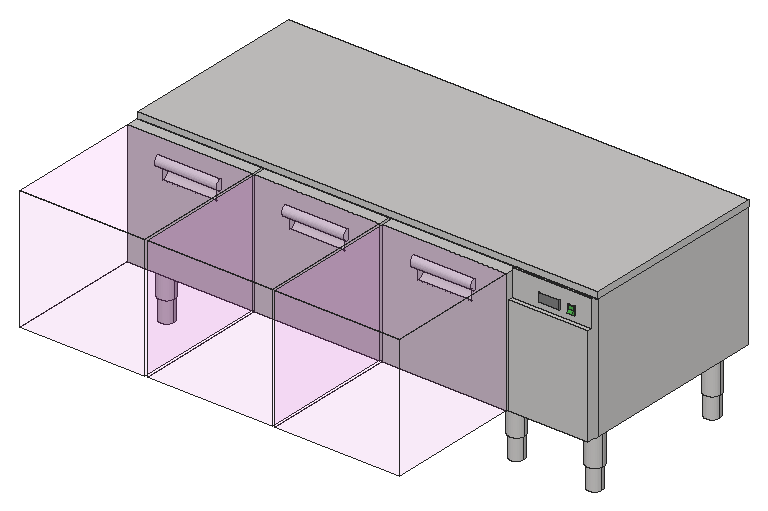
Revit family "QF_ZANUSSI_372292_Z7TTAECOMKN", category Specialty Equipment, Revit 2021
Family settings
  Round Connector Dimension = Use Diameter
  Part Type = Normal
  Work Plane-Based = No
  Always vertical = Yes
  Cut with Voids When Loaded = No
  Shared = No
  Room Calculation Point = No
Parameters (values of type "Standard")
  Weight = 110.00 kg
  Watts = 0 W
  Volts = 220 V
  URL Manufacturer = "http://www.zanussiprofessional.com"
  URL = "http://www.zanussiprofessional.com"
  Steam Supply Size = 0 mm
  Steam Supply Minimum Pressure = 0.0 Pa
  Steam Supply Maximum Pressure = 0.0 Pa
  Steam Pounds per Hour = 0
  Show Clearance [instance] = yes
  Refrigeration Suction Line Size = 0 mm
  Refrigeration Liquid Line Size = 0 mm
  Refrigerant Compressor Remote = yes
  Manufacturer = "Zanussi"
  Phase = 1
  Model = "Z7TTAECOMKN"
  Length Actual = 1600 mm
  Item Number = "372292"
  Hot Water Size = 0 mm
  Height Actual = 600 mm
  HP = "0.5 HP"
  Gas Size = 0 mm
  Gas KW = 0
  Gas Input Pressure = 0 W
  Direct Waste Size = 0 mm
  Description = "REFRIGERATED BASE WITH 3 DRAWERS 1600MM - R290"
  Depth Actual = 700 mm
  Default Elevation = 0 mm
  Cycle = 50 Hz
  Condensate Return Size = 0 mm
  Compressed Air Volume = 0.0 L/s
  Compressed Air Size = 0 mm
  Compressed Air Pressure = 0.0 Pa
  Cold Water Size = 0 mm
  Accessory = no
Reference planes
  plane 1 "Center X": y = -65.55
  plane 2: z = 0
  plane 3 "Centro (Sinistra/Destra)": x = -200
  plane 4: y = -315.05
  plane 5: y = 194.95
  plane 6 "BACK": y = 282.95
  plane 7 "FRONT": y = -414.05
  plane 8: y = -881.83
  plane 9: x = -944
  plane 10: x = 544
  plane 11: y = -369.551
  plane 12: z = 200
  plane 13 "TOP": z = 630
  plane 14 "LEFT": x = -1000
  plane 15 "RIGHT": x = 600
  plane 16: x = 272
Forms (mm)
  Extrusion 1, solid, material "QF_Finishes_Stainless Steel"
    sketch origin (-1022.223, -1524, 200) x (-1, 0, 0) y (0, -1, 0)
      loop
        line (-23.223, -1806.95) -> (-23.223, -1154.449) -> (-1621.223, -1154.449) -> (-1621.223, -1806.95) -> (-23.223, -1806.95)
    from 0 to 430
  Extrusion 2, solid, material "QF_Finishes_Stainless Steel"
    sketch origin (-1022.223, -1524, 200) x (-1, 0, 0) y (0, -1, 0)
      loop
        circle (-1581.223, -1646.95) r 12
    from -10 to 0
  Extrusion 3, solid, material "QF_Finishes_Stainless Steel"
    sketch origin (-599, 0, -5) x (0, 1, 0) y (0, 0, 1)
      loop
        line (-369.551, 635) -> (282.95, 635) -> (282.95, 655) -> (-369.551, 655) -> (-369.551, 635)
    from 1198 to -400
  Extrusion 4, solid, material "QF_Finishes_Stainless Steel"
    sketch origin (599, 0, 0) x (0, 1, 0) y (0, 0, 1)
      loop
        line (-369.551, 629.527) -> (-386.314, 640.994) -> (-397.65, 640.994) -> (-397.65, 549.796) -> (-414.05, 549.796) -> (-414.05, 204.796) -> (-384.714, 204.796) -> (-374.993, 200) -> (-369.551, 200) -> (-369.551, 629.527)
    from 0 to -275
  Extrusion 5, solid, material "QF_Finishes_Black"
    sketch origin (605.8, -397.65, 630.994) x (0, 0, -1) y (1, 0, 0)
      loop
        line (32.198, -86.899) -> (61.199, -86.899) -> (61.199, -64.9) -> (32.198, -64.9) -> (32.198, -86.899)
    from 0 to 1.6
  Extrusion 6, solid, material "QF_Finishes_Grey"
    sketch origin (627, -397.65, 630.994) x (0, 0, -1) y (1, 0, 0)
      loop
        line (32.198, -210.099) -> (61.199, -210.099) -> (61.199, -140.099) -> (32.198, -140.099) -> (32.198, -210.099)
    from 0 to 1.6
  Extrusion 7, solid, material "QF_Finishes_Green"
    sketch origin (540.9, -397.65, 598.796) x (0, 0, -1) y (0, 1, 0)
      loop
        line (2.279, -3.281) -> (14.5, -3.281) -> (25.308, -8.985)
        arc (25.308, -8.985) -> (26.537, -5.394) -> (26.605, -1.6) r 12.221
        line (26.605, -1.6) -> (2.395, -1.6)
        arc (2.395, -1.6) -> (2.308, -2.439) -> (2.279, -3.281) r 12.221
    from -20 to -2
  Extrusion 8, solid, material "QF_Finishes_Handrails and Railings"
    sketch origin (-356.028, -157.946, 1924.198) x (0, 0.885087, 0.465426) y (0, -0.465426, 0.885087)
      loop
        arc (-854.629, -1074.965) -> (-878.641, -1082.427) -> (-871.18, -1106.439) r 17.78
        line (-871.18, -1106.439) -> (-854.629, -1074.965)
    from -93.472 to 121.528
  Extrusion 9, solid, material "QF_Finishes_Stainless Steel"
    sketch origin (-556.053, 285.95, 14.715) x (0, 1, 0) y (0, 0, 1)
      loop
        line (-700, 486.991) -> (-660.001, 486.991) -> (-660.001, 530.285) -> (-678.147, 530.285) -> (-678.147, 511.464)
        arc (-678.147, 511.464) -> (-684.405, 495.059) -> (-700, 486.991) r 24.63
    from 118.753 to 309.354
  Extrusion 10, solid, material "QF_Finishes_Handrails and Railings"
    sketch origin (85.972, -157.946, 1924.198) x (0, 0.885087, 0.465426) y (0, -0.465426, 0.885087)
      loop
        arc (-854.629, -1074.965) -> (-878.641, -1082.427) -> (-871.18, -1106.439) r 17.78
        line (-871.18, -1106.439) -> (-854.629, -1074.965)
    from -89.472 to 121.528
  Extrusion 11, solid, material "QF_Finishes_Stainless Steel"
    sketch origin (-114.053, 285.95, 14.715) x (0, 1, 0) y (0, 0, 1)
      loop
        line (-700, 486.991) -> (-660.001, 486.991) -> (-660.001, 530.285) -> (-678.147, 530.285) -> (-678.147, 511.464)
        arc (-678.147, 511.464) -> (-684.405, 495.059) -> (-700, 486.991) r 24.63
    from 122.753 to 309.354
  Extrusion 12, solid, material "QF_Door-Drawer Clearances", visible <- "Show Clearance"
    sketch origin (238, -414.05, 0) x (1, 0, 0) y (0, 0, 1)
      loop
        line (-795, 629.2) -> (-795, 201.587) -> (-360.999, 201.587) -> (-360.999, 629.2) -> (-795, 629.2)
      loop
        line (-353, 629.2) -> (-353, 201.587) -> (81, 201.587) -> (81, 629.2) -> (-353, 629.2)
      loop
        line (-1237, 629.2) -> (-1237, 201.587) -> (-802.999, 201.587) -> (-802.999, 629.2) -> (-1237, 629.2)
    from 0 to 467.78
  Extrusion 13, solid, material "QF_Finishes_Stainless Steel"
    sketch origin (38, -414.05, 0) x (-1, 0, 0) y (0, 0, 1)
      loop
        line (595, 629.2) -> (160.999, 629.2) -> (160.999, 201.587) -> (595, 201.587) -> (595, 629.2)
      loop
        line (153, 629.2) -> (-281, 629.2) -> (-281, 201.587) -> (153, 201.587) -> (153, 629.2)
      loop
        line (475.3, 501.706) -> (475.3, 545) -> (284.699, 545) -> (284.699, 501.706) -> (475.3, 501.706)
      loop
        line (29.3, 501.706) -> (29.3, 545) -> (-157.301, 545) -> (-157.301, 501.706) -> (29.3, 501.706)
      loop
        line (1037, 629.2) -> (602.999, 629.2) -> (602.999, 201.587) -> (1037, 201.587) -> (1037, 629.2)
      loop
        line (917.3, 501.706) -> (917.3, 545) -> (726.699, 545) -> (726.699, 501.706) -> (917.3, 501.706)
    from 0 to 40
  Extrusion 14, solid, material "QF_Finishes_Handrails and Railings"
    sketch origin (-798.028, -157.946, 1924.198) x (0, 0.885087, 0.465426) y (0, -0.465426, 0.885087)
      loop
        arc (-854.629, -1074.965) -> (-878.641, -1082.427) -> (-871.18, -1106.439) r 17.78
        line (-871.18, -1106.439) -> (-854.629, -1074.965)
    from -93.472 to 121.528
  Extrusion 15, solid, material "QF_Finishes_Stainless Steel"
    sketch origin (-998.053, 285.95, 14.715) x (0, 1, 0) y (0, 0, 1)
      loop
        line (-700, 486.991) -> (-660.001, 486.991) -> (-660.001, 530.285) -> (-678.147, 530.285) -> (-678.147, 511.464)
        arc (-678.147, 511.464) -> (-684.405, 495.059) -> (-700, 486.991) r 24.63
    from 118.753 to 309.354
Lines and regions (mm)
  Split face 1
    outline origin (627, -399.25, 630.994) x (0, 0, -1) y (1, 0, 0)
      loop
        line (37.198, -200.099) -> (52.198, -200.099) -> (52.198, -150.099) -> (37.198, -150.099) -> (37.198, -200.099)
  Split face 2
    outline origin (627, -399.25, 630.994) x (0, 0, -1) y (1, 0, 0)
      loop
        line (59.151, -200.099) -> (59.151, -189.099) -> (54.151, -189.099) -> (54.151, -200.099) -> (59.151, -200.099)
  Split face 3
    outline origin (627, -399.25, 630.994) x (0, 0, -1) y (1, 0, 0)
      loop
        line (54.151, -187.099) -> (59.151, -187.099) -> (59.151, -176.099) -> (54.151, -176.099) -> (54.151, -187.099)
  Split face 4
    outline origin (640, -399.25, 630.994) x (0, 0, -1) y (1, 0, 0)
      loop
        line (54.151, -187.099) -> (59.151, -187.099) -> (59.151, -176.099) -> (54.151, -176.099) -> (54.151, -187.099)
  Split face 5
    outline origin (653, -399.25, 630.994) x (0, 0, -1) y (1, 0, 0)
      loop
        line (54.151, -187.099) -> (59.151, -187.099) -> (59.151, -176.099) -> (54.151, -176.099) -> (54.151, -187.099)
  Split face 6
    outline origin (304.5, -414.05, 713.499) x (1, 0, 0) y (0, 0, 1)
      loop
        arc (90.48, -282.599) -> (94.5, -278.61) -> (90.5, -274.599) r 4
        line (90.5, -274.599) -> (58.5, -274.599)
        arc (58.5, -274.599) -> (54.5, -278.61) -> (58.521, -282.599) r 4
        line (58.521, -282.599) -> (90.48, -282.599)
  Split face 7
    outline origin (304.5, -414.05, 725.499) x (1, 0, 0) y (0, 0, 1)
      loop
        arc (90.48, -282.599) -> (94.5, -278.61) -> (90.5, -274.599) r 4
        line (90.5, -274.599) -> (58.5, -274.599)
        arc (58.5, -274.599) -> (54.5, -278.61) -> (58.521, -282.599) r 4
        line (58.521, -282.599) -> (90.48, -282.599)
  Split face 8
    outline origin (304.5, -414.05, 737.499) x (1, 0, 0) y (0, 0, 1)
      loop
        arc (90.48, -282.599) -> (94.5, -278.61) -> (90.5, -274.599) r 4
        line (90.5, -274.599) -> (58.5, -274.599)
        arc (58.5, -274.599) -> (54.5, -278.61) -> (58.521, -282.599) r 4
        line (58.521, -282.599) -> (90.48, -282.599)
  Split face 9
    outline origin (304.5, -414.05, 749.396) x (1, 0, 0) y (0, 0, 1)
      loop
        arc (90.48, -282.599) -> (94.5, -278.61) -> (90.5, -274.599) r 4
        line (90.5, -274.599) -> (58.5, -274.599)
        arc (58.5, -274.599) -> (54.5, -278.61) -> (58.521, -282.599) r 4
        line (58.521, -282.599) -> (90.48, -282.599)
  Split face 10
    outline origin (304.5, -414.05, 761.395) x (1, 0, 0) y (0, 0, 1)
      loop
        arc (90.48, -282.599) -> (94.5, -278.61) -> (90.5, -274.599) r 4
        line (90.5, -274.599) -> (58.5, -274.599)
        arc (58.5, -274.599) -> (54.5, -278.61) -> (58.521, -282.599) r 4
        line (58.521, -282.599) -> (90.48, -282.599)
  Split face 11
    outline origin (304.5, -414.05, 773.395) x (1, 0, 0) y (0, 0, 1)
      loop
        arc (90.48, -282.599) -> (94.5, -278.61) -> (90.5, -274.599) r 4
        line (90.5, -274.599) -> (58.5, -274.599)
        arc (58.5, -274.599) -> (54.5, -278.61) -> (58.521, -282.599) r 4
        line (58.521, -282.599) -> (90.48, -282.599)
  Split face 12
    outline origin (304.5, -414.05, 785.395) x (1, 0, 0) y (0, 0, 1)
      loop
        arc (90.48, -282.599) -> (94.5, -278.61) -> (90.5, -274.599) r 4
        line (90.5, -274.599) -> (58.5, -274.599)
        arc (58.5, -274.599) -> (54.5, -278.61) -> (58.521, -282.599) r 4
        line (58.521, -282.599) -> (90.48, -282.599)
  Split face 13
    outline origin (304.5, -414.05, 797.395) x (1, 0, 0) y (0, 0, 1)
      loop
        arc (90.48, -282.599) -> (94.5, -278.61) -> (90.5, -274.599) r 4
        line (90.5, -274.599) -> (58.5, -274.599)
        arc (58.5, -274.599) -> (54.5, -278.61) -> (58.521, -282.599) r 4
        line (58.521, -282.599) -> (90.48, -282.599)
  Split face 14
    outline origin (304.5, -414.05, 809.395) x (1, 0, 0) y (0, 0, 1)
      loop
        arc (90.48, -282.599) -> (94.5, -278.61) -> (90.5, -274.599) r 4
        line (90.5, -274.599) -> (58.5, -274.599)
        arc (58.5, -274.599) -> (54.5, -278.61) -> (58.521, -282.599) r 4
        line (58.521, -282.599) -> (90.48, -282.599)
  Split face 15
    outline origin (304.5, -414.05, 701.499) x (1, 0, 0) y (0, 0, 1)
      loop
        arc (90.48, -282.599) -> (94.5, -278.61) -> (90.5, -274.599) r 4
        line (90.5, -274.599) -> (58.5, -274.599)
        arc (58.5, -274.599) -> (54.5, -278.61) -> (58.521, -282.599) r 4
        line (58.521, -282.599) -> (90.48, -282.599)
  Split face 16
    outline origin (304.5, -414.05, 605.603) x (1, 0, 0) y (0, 0, 1)
      loop
        arc (90.48, -282.599) -> (94.5, -278.61) -> (90.5, -274.599) r 4
        line (90.5, -274.599) -> (58.5, -274.599)
        arc (58.5, -274.599) -> (54.5, -278.61) -> (58.521, -282.599) r 4
        line (58.521, -282.599) -> (90.48, -282.599)
  Split face 17
    outline origin (304.5, -414.05, 617.603) x (1, 0, 0) y (0, 0, 1)
      loop
        arc (90.48, -282.599) -> (94.5, -278.61) -> (90.5, -274.599) r 4
        line (90.5, -274.599) -> (58.5, -274.599)
        arc (58.5, -274.599) -> (54.5, -278.61) -> (58.521, -282.599) r 4
        line (58.521, -282.599) -> (90.48, -282.599)
  Split face 18
    outline origin (304.5, -414.05, 629.602) x (1, 0, 0) y (0, 0, 1)
      loop
        arc (90.48, -282.599) -> (94.5, -278.61) -> (90.5, -274.599) r 4
        line (90.5, -274.599) -> (58.5, -274.599)
        arc (58.5, -274.599) -> (54.5, -278.61) -> (58.521, -282.599) r 4
        line (58.521, -282.599) -> (90.48, -282.599)
  Split face 19
    outline origin (304.5, -414.05, 677.499) x (1, 0, 0) y (0, 0, 1)
      loop
        arc (90.48, -282.599) -> (94.5, -278.61) -> (90.5, -274.599) r 4
        line (90.5, -274.599) -> (58.5, -274.599)
        arc (58.5, -274.599) -> (54.5, -278.61) -> (58.521, -282.599) r 4
        line (58.521, -282.599) -> (90.48, -282.599)
  Split face 20
    outline origin (304.5, -414.05, 689.499) x (1, 0, 0) y (0, 0, 1)
      loop
        arc (90.48, -282.599) -> (94.5, -278.61) -> (90.5, -274.599) r 4
        line (90.5, -274.599) -> (58.5, -274.599)
        arc (58.5, -274.599) -> (54.5, -278.61) -> (58.521, -282.599) r 4
        line (58.521, -282.599) -> (90.48, -282.599)
  Split face 21
    outline origin (304.5, -414.05, 593.603) x (1, 0, 0) y (0, 0, 1)
      loop
        arc (90.48, -282.599) -> (94.5, -278.61) -> (90.5, -274.599) r 4
        line (90.5, -274.599) -> (58.5, -274.599)
        arc (58.5, -274.599) -> (54.5, -278.61) -> (58.521, -282.599) r 4
        line (58.521, -282.599) -> (90.48, -282.599)
  Split face 22
    outline origin (304.5, -414.05, 497.707) x (1, 0, 0) y (0, 0, 1)
      loop
        arc (90.48, -282.599) -> (94.5, -278.61) -> (90.5, -274.599) r 4
        line (90.5, -274.599) -> (58.5, -274.599)
        arc (58.5, -274.599) -> (54.5, -278.61) -> (58.521, -282.599) r 4
        line (58.521, -282.599) -> (90.48, -282.599)
  Split face 23
    outline origin (304.5, -414.05, 509.707) x (1, 0, 0) y (0, 0, 1)
      loop
        arc (90.48, -282.599) -> (94.5, -278.61) -> (90.5, -274.599) r 4
        line (90.5, -274.599) -> (58.5, -274.599)
        arc (58.5, -274.599) -> (54.5, -278.61) -> (58.521, -282.599) r 4
        line (58.521, -282.599) -> (90.48, -282.599)
  Split face 24
    outline origin (304.5, -414.05, 521.706) x (1, 0, 0) y (0, 0, 1)
      loop
        arc (90.48, -282.599) -> (94.5, -278.61) -> (90.5, -274.599) r 4
        line (90.5, -274.599) -> (58.5, -274.599)
        arc (58.5, -274.599) -> (54.5, -278.61) -> (58.521, -282.599) r 4
        line (58.521, -282.599) -> (90.48, -282.599)
  Split face 25
    outline origin (304.5, -414.05, 533.604) x (1, 0, 0) y (0, 0, 1)
      loop
        arc (90.48, -282.599) -> (94.5, -278.61) -> (90.5, -274.599) r 4
        line (90.5, -274.599) -> (58.5, -274.599)
        arc (58.5, -274.599) -> (54.5, -278.61) -> (58.521, -282.599) r 4
        line (58.521, -282.599) -> (90.48, -282.599)
  Split face 26
    outline origin (304.5, -414.05, 545.603) x (1, 0, 0) y (0, 0, 1)
      loop
        arc (90.48, -282.599) -> (94.5, -278.61) -> (90.5, -274.599) r 4
        line (90.5, -274.599) -> (58.5, -274.599)
        arc (58.5, -274.599) -> (54.5, -278.61) -> (58.521, -282.599) r 4
        line (58.521, -282.599) -> (90.48, -282.599)
  Split face 27
    outline origin (304.5, -414.05, 557.603) x (1, 0, 0) y (0, 0, 1)
      loop
        arc (90.48, -282.599) -> (94.5, -278.61) -> (90.5, -274.599) r 4
        line (90.5, -274.599) -> (58.5, -274.599)
        arc (58.5, -274.599) -> (54.5, -278.61) -> (58.521, -282.599) r 4
        line (58.521, -282.599) -> (90.48, -282.599)
  Split face 28
    outline origin (304.5, -414.05, 569.603) x (1, 0, 0) y (0, 0, 1)
      loop
        arc (90.48, -282.599) -> (94.5, -278.61) -> (90.5, -274.599) r 4
        line (90.5, -274.599) -> (58.5, -274.599)
        arc (58.5, -274.599) -> (54.5, -278.61) -> (58.521, -282.599) r 4
        line (58.521, -282.599) -> (90.48, -282.599)
  Split face 29
    outline origin (304.5, -414.05, 581.603) x (1, 0, 0) y (0, 0, 1)
      loop
        arc (90.48, -282.599) -> (94.5, -278.61) -> (90.5, -274.599) r 4
        line (90.5, -274.599) -> (58.5, -274.599)
        arc (58.5, -274.599) -> (54.5, -278.61) -> (58.521, -282.599) r 4
        line (58.521, -282.599) -> (90.48, -282.599)
  Split face 30
    outline origin (359.5, -414.05, 713.499) x (1, 0, 0) y (0, 0, 1)
      loop
        arc (90.48, -282.599) -> (94.5, -278.61) -> (90.5, -274.599) r 4
        line (90.5, -274.599) -> (58.5, -274.599)
        arc (58.5, -274.599) -> (54.5, -278.61) -> (58.521, -282.599) r 4
        line (58.521, -282.599) -> (90.48, -282.599)
  Split face 31
    outline origin (359.5, -414.05, 725.499) x (1, 0, 0) y (0, 0, 1)
      loop
        arc (90.48, -282.599) -> (94.5, -278.61) -> (90.5, -274.599) r 4
        line (90.5, -274.599) -> (58.5, -274.599)
        arc (58.5, -274.599) -> (54.5, -278.61) -> (58.521, -282.599) r 4
        line (58.521, -282.599) -> (90.48, -282.599)
  Split face 32
    outline origin (359.5, -414.05, 737.499) x (1, 0, 0) y (0, 0, 1)
      loop
        arc (90.48, -282.599) -> (94.5, -278.61) -> (90.5, -274.599) r 4
        line (90.5, -274.599) -> (58.5, -274.599)
        arc (58.5, -274.599) -> (54.5, -278.61) -> (58.521, -282.599) r 4
        line (58.521, -282.599) -> (90.48, -282.599)
  Split face 33
    outline origin (359.5, -414.05, 749.396) x (1, 0, 0) y (0, 0, 1)
      loop
        arc (90.48, -282.599) -> (94.5, -278.61) -> (90.5, -274.599) r 4
        line (90.5, -274.599) -> (58.5, -274.599)
        arc (58.5, -274.599) -> (54.5, -278.61) -> (58.521, -282.599) r 4
        line (58.521, -282.599) -> (90.48, -282.599)
  Split face 34
    outline origin (359.5, -414.05, 761.395) x (1, 0, 0) y (0, 0, 1)
      loop
        arc (90.48, -282.599) -> (94.5, -278.61) -> (90.5, -274.599) r 4
        line (90.5, -274.599) -> (58.5, -274.599)
        arc (58.5, -274.599) -> (54.5, -278.61) -> (58.521, -282.599) r 4
        line (58.521, -282.599) -> (90.48, -282.599)
  Split face 35
    outline origin (359.5, -414.05, 773.395) x (1, 0, 0) y (0, 0, 1)
      loop
        arc (90.48, -282.599) -> (94.5, -278.61) -> (90.5, -274.599) r 4
        line (90.5, -274.599) -> (58.5, -274.599)
        arc (58.5, -274.599) -> (54.5, -278.61) -> (58.521, -282.599) r 4
        line (58.521, -282.599) -> (90.48, -282.599)
  Split face 36
    outline origin (359.5, -414.05, 785.395) x (1, 0, 0) y (0, 0, 1)
      loop
        arc (90.48, -282.599) -> (94.5, -278.61) -> (90.5, -274.599) r 4
        line (90.5, -274.599) -> (58.5, -274.599)
        arc (58.5, -274.599) -> (54.5, -278.61) -> (58.521, -282.599) r 4
        line (58.521, -282.599) -> (90.48, -282.599)
  Split face 37
    outline origin (359.5, -414.05, 797.395) x (1, 0, 0) y (0, 0, 1)
      loop
        arc (90.48, -282.599) -> (94.5, -278.61) -> (90.5, -274.599) r 4
        line (90.5, -274.599) -> (58.5, -274.599)
        arc (58.5, -274.599) -> (54.5, -278.61) -> (58.521, -282.599) r 4
        line (58.521, -282.599) -> (90.48, -282.599)
  Split face 38
    outline origin (359.5, -414.05, 809.395) x (1, 0, 0) y (0, 0, 1)
      loop
        arc (90.48, -282.599) -> (94.5, -278.61) -> (90.5, -274.599) r 4
        line (90.5, -274.599) -> (58.5, -274.599)
        arc (58.5, -274.599) -> (54.5, -278.61) -> (58.521, -282.599) r 4
        line (58.521, -282.599) -> (90.48, -282.599)
  Split face 39
    outline origin (359.5, -414.05, 701.499) x (1, 0, 0) y (0, 0, 1)
      loop
        arc (90.48, -282.599) -> (94.5, -278.61) -> (90.5, -274.599) r 4
        line (90.5, -274.599) -> (58.5, -274.599)
        arc (58.5, -274.599) -> (54.5, -278.61) -> (58.521, -282.599) r 4
        line (58.521, -282.599) -> (90.48, -282.599)
  Split face 40
    outline origin (359.5, -414.05, 605.603) x (1, 0, 0) y (0, 0, 1)
      loop
        arc (90.48, -282.599) -> (94.5, -278.61) -> (90.5, -274.599) r 4
        line (90.5, -274.599) -> (58.5, -274.599)
        arc (58.5, -274.599) -> (54.5, -278.61) -> (58.521, -282.599) r 4
        line (58.521, -282.599) -> (90.48, -282.599)
  Split face 41
    outline origin (359.5, -414.05, 617.603) x (1, 0, 0) y (0, 0, 1)
      loop
        arc (90.48, -282.599) -> (94.5, -278.61) -> (90.5, -274.599) r 4
        line (90.5, -274.599) -> (58.5, -274.599)
        arc (58.5, -274.599) -> (54.5, -278.61) -> (58.521, -282.599) r 4
        line (58.521, -282.599) -> (90.48, -282.599)
  Split face 42
    outline origin (359.5, -414.05, 629.602) x (1, 0, 0) y (0, 0, 1)
      loop
        arc (90.48, -282.599) -> (94.5, -278.61) -> (90.5, -274.599) r 4
        line (90.5, -274.599) -> (58.5, -274.599)
        arc (58.5, -274.599) -> (54.5, -278.61) -> (58.521, -282.599) r 4
        line (58.521, -282.599) -> (90.48, -282.599)
  Split face 43
    outline origin (359.5, -414.05, 677.499) x (1, 0, 0) y (0, 0, 1)
      loop
        arc (90.48, -282.599) -> (94.5, -278.61) -> (90.5, -274.599) r 4
        line (90.5, -274.599) -> (58.5, -274.599)
        arc (58.5, -274.599) -> (54.5, -278.61) -> (58.521, -282.599) r 4
        line (58.521, -282.599) -> (90.48, -282.599)
  Split face 44
    outline origin (359.5, -414.05, 689.499) x (1, 0, 0) y (0, 0, 1)
      loop
        arc (90.48, -282.599) -> (94.5, -278.61) -> (90.5, -274.599) r 4
        line (90.5, -274.599) -> (58.5, -274.599)
        arc (58.5, -274.599) -> (54.5, -278.61) -> (58.521, -282.599) r 4
        line (58.521, -282.599) -> (90.48, -282.599)
  Split face 45
    outline origin (359.5, -414.05, 593.603) x (1, 0, 0) y (0, 0, 1)
      loop
        arc (90.48, -282.599) -> (94.5, -278.61) -> (90.5, -274.599) r 4
        line (90.5, -274.599) -> (58.5, -274.599)
        arc (58.5, -274.599) -> (54.5, -278.61) -> (58.521, -282.599) r 4
        line (58.521, -282.599) -> (90.48, -282.599)
  Split face 46
    outline origin (359.5, -414.05, 497.707) x (1, 0, 0) y (0, 0, 1)
      loop
        arc (90.48, -282.599) -> (94.5, -278.61) -> (90.5, -274.599) r 4
        line (90.5, -274.599) -> (58.5, -274.599)
        arc (58.5, -274.599) -> (54.5, -278.61) -> (58.521, -282.599) r 4
        line (58.521, -282.599) -> (90.48, -282.599)
  Split face 47
    outline origin (359.5, -414.05, 509.707) x (1, 0, 0) y (0, 0, 1)
      loop
        arc (90.48, -282.599) -> (94.5, -278.61) -> (90.5, -274.599) r 4
        line (90.5, -274.599) -> (58.5, -274.599)
        arc (58.5, -274.599) -> (54.5, -278.61) -> (58.521, -282.599) r 4
        line (58.521, -282.599) -> (90.48, -282.599)
  Split face 48
    outline origin (359.5, -414.05, 521.706) x (1, 0, 0) y (0, 0, 1)
      loop
        arc (90.48, -282.599) -> (94.5, -278.61) -> (90.5, -274.599) r 4
        line (90.5, -274.599) -> (58.5, -274.599)
        arc (58.5, -274.599) -> (54.5, -278.61) -> (58.521, -282.599) r 4
        line (58.521, -282.599) -> (90.48, -282.599)
  Split face 49
    outline origin (359.5, -414.05, 533.604) x (1, 0, 0) y (0, 0, 1)
      loop
        arc (90.48, -282.599) -> (94.5, -278.61) -> (90.5, -274.599) r 4
        line (90.5, -274.599) -> (58.5, -274.599)
        arc (58.5, -274.599) -> (54.5, -278.61) -> (58.521, -282.599) r 4
        line (58.521, -282.599) -> (90.48, -282.599)
  Split face 50
    outline origin (359.5, -414.05, 545.603) x (1, 0, 0) y (0, 0, 1)
      loop
        arc (90.48, -282.599) -> (94.5, -278.61) -> (90.5, -274.599) r 4
        line (90.5, -274.599) -> (58.5, -274.599)
        arc (58.5, -274.599) -> (54.5, -278.61) -> (58.521, -282.599) r 4
        line (58.521, -282.599) -> (90.48, -282.599)
  Split face 51
    outline origin (359.5, -414.05, 557.603) x (1, 0, 0) y (0, 0, 1)
      loop
        arc (90.48, -282.599) -> (94.5, -278.61) -> (90.5, -274.599) r 4
        line (90.5, -274.599) -> (58.5, -274.599)
        arc (58.5, -274.599) -> (54.5, -278.61) -> (58.521, -282.599) r 4
        line (58.521, -282.599) -> (90.48, -282.599)
  Split face 52
    outline origin (359.5, -414.05, 569.603) x (1, 0, 0) y (0, 0, 1)
      loop
        arc (90.48, -282.599) -> (94.5, -278.61) -> (90.5, -274.599) r 4
        line (90.5, -274.599) -> (58.5, -274.599)
        arc (58.5, -274.599) -> (54.5, -278.61) -> (58.521, -282.599) r 4
        line (58.521, -282.599) -> (90.48, -282.599)
  Split face 53
    outline origin (359.5, -414.05, 581.603) x (1, 0, 0) y (0, 0, 1)
      loop
        arc (90.48, -282.599) -> (94.5, -278.61) -> (90.5, -274.599) r 4
        line (90.5, -274.599) -> (58.5, -274.599)
        arc (58.5, -274.599) -> (54.5, -278.61) -> (58.521, -282.599) r 4
        line (58.521, -282.599) -> (90.48, -282.599)
  Split face 54
    outline origin (414.5, -414.05, 713.499) x (1, 0, 0) y (0, 0, 1)
      loop
        arc (90.48, -282.599) -> (94.5, -278.61) -> (90.5, -274.599) r 4
        line (90.5, -274.599) -> (58.5, -274.599)
        arc (58.5, -274.599) -> (54.5, -278.61) -> (58.521, -282.599) r 4
        line (58.521, -282.599) -> (90.48, -282.599)
  Split face 55
    outline origin (414.5, -414.05, 725.499) x (1, 0, 0) y (0, 0, 1)
      loop
        arc (90.48, -282.599) -> (94.5, -278.61) -> (90.5, -274.599) r 4
        line (90.5, -274.599) -> (58.5, -274.599)
        arc (58.5, -274.599) -> (54.5, -278.61) -> (58.521, -282.599) r 4
        line (58.521, -282.599) -> (90.48, -282.599)
  Split face 56
    outline origin (414.5, -414.05, 737.499) x (1, 0, 0) y (0, 0, 1)
      loop
        arc (90.48, -282.599) -> (94.5, -278.61) -> (90.5, -274.599) r 4
        line (90.5, -274.599) -> (58.5, -274.599)
        arc (58.5, -274.599) -> (54.5, -278.61) -> (58.521, -282.599) r 4
        line (58.521, -282.599) -> (90.48, -282.599)
  Split face 57
    outline origin (414.5, -414.05, 749.396) x (1, 0, 0) y (0, 0, 1)
      loop
        arc (90.48, -282.599) -> (94.5, -278.61) -> (90.5, -274.599) r 4
        line (90.5, -274.599) -> (58.5, -274.599)
        arc (58.5, -274.599) -> (54.5, -278.61) -> (58.521, -282.599) r 4
        line (58.521, -282.599) -> (90.48, -282.599)
  Split face 58
    outline origin (414.5, -414.05, 761.395) x (1, 0, 0) y (0, 0, 1)
      loop
        arc (90.48, -282.599) -> (94.5, -278.61) -> (90.5, -274.599) r 4
        line (90.5, -274.599) -> (58.5, -274.599)
        arc (58.5, -274.599) -> (54.5, -278.61) -> (58.521, -282.599) r 4
        line (58.521, -282.599) -> (90.48, -282.599)
  Split face 59
    outline origin (414.5, -414.05, 773.395) x (1, 0, 0) y (0, 0, 1)
      loop
        arc (90.48, -282.599) -> (94.5, -278.61) -> (90.5, -274.599) r 4
        line (90.5, -274.599) -> (58.5, -274.599)
        arc (58.5, -274.599) -> (54.5, -278.61) -> (58.521, -282.599) r 4
        line (58.521, -282.599) -> (90.48, -282.599)
  Split face 60
    outline origin (414.5, -414.05, 785.395) x (1, 0, 0) y (0, 0, 1)
      loop
        arc (90.48, -282.599) -> (94.5, -278.61) -> (90.5, -274.599) r 4
        line (90.5, -274.599) -> (58.5, -274.599)
        arc (58.5, -274.599) -> (54.5, -278.61) -> (58.521, -282.599) r 4
        line (58.521, -282.599) -> (90.48, -282.599)
  Split face 61
    outline origin (414.5, -414.05, 797.395) x (1, 0, 0) y (0, 0, 1)
      loop
        arc (90.48, -282.599) -> (94.5, -278.61) -> (90.5, -274.599) r 4
        line (90.5, -274.599) -> (58.5, -274.599)
        arc (58.5, -274.599) -> (54.5, -278.61) -> (58.521, -282.599) r 4
        line (58.521, -282.599) -> (90.48, -282.599)
  Split face 62
    outline origin (414.5, -414.05, 809.395) x (1, 0, 0) y (0, 0, 1)
      loop
        arc (90.48, -282.599) -> (94.5, -278.61) -> (90.5, -274.599) r 4
        line (90.5, -274.599) -> (58.5, -274.599)
        arc (58.5, -274.599) -> (54.5, -278.61) -> (58.521, -282.599) r 4
        line (58.521, -282.599) -> (90.48, -282.599)
  Split face 63
    outline origin (414.5, -414.05, 701.499) x (1, 0, 0) y (0, 0, 1)
      loop
        arc (90.48, -282.599) -> (94.5, -278.61) -> (90.5, -274.599) r 4
        line (90.5, -274.599) -> (58.5, -274.599)
        arc (58.5, -274.599) -> (54.5, -278.61) -> (58.521, -282.599) r 4
        line (58.521, -282.599) -> (90.48, -282.599)
  Split face 64
    outline origin (414.5, -414.05, 605.603) x (1, 0, 0) y (0, 0, 1)
      loop
        arc (90.48, -282.599) -> (94.5, -278.61) -> (90.5, -274.599) r 4
        line (90.5, -274.599) -> (58.5, -274.599)
        arc (58.5, -274.599) -> (54.5, -278.61) -> (58.521, -282.599) r 4
        line (58.521, -282.599) -> (90.48, -282.599)
  Split face 65
    outline origin (414.5, -414.05, 617.603) x (1, 0, 0) y (0, 0, 1)
      loop
        arc (90.48, -282.599) -> (94.5, -278.61) -> (90.5, -274.599) r 4
        line (90.5, -274.599) -> (58.5, -274.599)
        arc (58.5, -274.599) -> (54.5, -278.61) -> (58.521, -282.599) r 4
        line (58.521, -282.599) -> (90.48, -282.599)
  Split face 66
    outline origin (414.5, -414.05, 629.602) x (1, 0, 0) y (0, 0, 1)
      loop
        arc (90.48, -282.599) -> (94.5, -278.61) -> (90.5, -274.599) r 4
        line (90.5, -274.599) -> (58.5, -274.599)
        arc (58.5, -274.599) -> (54.5, -278.61) -> (58.521, -282.599) r 4
        line (58.521, -282.599) -> (90.48, -282.599)
  Split face 67
    outline origin (414.5, -414.05, 677.499) x (1, 0, 0) y (0, 0, 1)
      loop
        arc (90.48, -282.599) -> (94.5, -278.61) -> (90.5, -274.599) r 4
        line (90.5, -274.599) -> (58.5, -274.599)
        arc (58.5, -274.599) -> (54.5, -278.61) -> (58.521, -282.599) r 4
        line (58.521, -282.599) -> (90.48, -282.599)
  Split face 68
    outline origin (414.5, -414.05, 689.499) x (1, 0, 0) y (0, 0, 1)
      loop
        arc (90.48, -282.599) -> (94.5, -278.61) -> (90.5, -274.599) r 4
        line (90.5, -274.599) -> (58.5, -274.599)
        arc (58.5, -274.599) -> (54.5, -278.61) -> (58.521, -282.599) r 4
        line (58.521, -282.599) -> (90.48, -282.599)
  Split face 69
    outline origin (414.5, -414.05, 593.603) x (1, 0, 0) y (0, 0, 1)
      loop
        arc (90.48, -282.599) -> (94.5, -278.61) -> (90.5, -274.599) r 4
        line (90.5, -274.599) -> (58.5, -274.599)
        arc (58.5, -274.599) -> (54.5, -278.61) -> (58.521, -282.599) r 4
        line (58.521, -282.599) -> (90.48, -282.599)
  Split face 70
    outline origin (414.5, -414.05, 497.707) x (1, 0, 0) y (0, 0, 1)
      loop
        arc (90.48, -282.599) -> (94.5, -278.61) -> (90.5, -274.599) r 4
        line (90.5, -274.599) -> (58.5, -274.599)
        arc (58.5, -274.599) -> (54.5, -278.61) -> (58.521, -282.599) r 4
        line (58.521, -282.599) -> (90.48, -282.599)
  Split face 71
    outline origin (414.5, -414.05, 509.707) x (1, 0, 0) y (0, 0, 1)
      loop
        arc (90.48, -282.599) -> (94.5, -278.61) -> (90.5, -274.599) r 4
        line (90.5, -274.599) -> (58.5, -274.599)
        arc (58.5, -274.599) -> (54.5, -278.61) -> (58.521, -282.599) r 4
        line (58.521, -282.599) -> (90.48, -282.599)
  Split face 72
    outline origin (414.5, -414.05, 521.706) x (1, 0, 0) y (0, 0, 1)
      loop
        arc (90.48, -282.599) -> (94.5, -278.61) -> (90.5, -274.599) r 4
        line (90.5, -274.599) -> (58.5, -274.599)
        arc (58.5, -274.599) -> (54.5, -278.61) -> (58.521, -282.599) r 4
        line (58.521, -282.599) -> (90.48, -282.599)
  Split face 73
    outline origin (414.5, -414.05, 533.604) x (1, 0, 0) y (0, 0, 1)
      loop
        arc (90.48, -282.599) -> (94.5, -278.61) -> (90.5, -274.599) r 4
        line (90.5, -274.599) -> (58.5, -274.599)
        arc (58.5, -274.599) -> (54.5, -278.61) -> (58.521, -282.599) r 4
        line (58.521, -282.599) -> (90.48, -282.599)
  Split face 74
    outline origin (414.5, -414.05, 545.603) x (1, 0, 0) y (0, 0, 1)
      loop
        arc (90.48, -282.599) -> (94.5, -278.61) -> (90.5, -274.599) r 4
        line (90.5, -274.599) -> (58.5, -274.599)
        arc (58.5, -274.599) -> (54.5, -278.61) -> (58.521, -282.599) r 4
        line (58.521, -282.599) -> (90.48, -282.599)
  Split face 75
    outline origin (414.5, -414.05, 557.603) x (1, 0, 0) y (0, 0, 1)
      loop
        arc (90.48, -282.599) -> (94.5, -278.61) -> (90.5, -274.599) r 4
        line (90.5, -274.599) -> (58.5, -274.599)
        arc (58.5, -274.599) -> (54.5, -278.61) -> (58.521, -282.599) r 4
        line (58.521, -282.599) -> (90.48, -282.599)
  Split face 76
    outline origin (414.5, -414.05, 569.603) x (1, 0, 0) y (0, 0, 1)
      loop
        arc (90.48, -282.599) -> (94.5, -278.61) -> (90.5, -274.599) r 4
        line (90.5, -274.599) -> (58.5, -274.599)
        arc (58.5, -274.599) -> (54.5, -278.61) -> (58.521, -282.599) r 4
        line (58.521, -282.599) -> (90.48, -282.599)
  Split face 77
    outline origin (414.5, -414.05, 581.603) x (1, 0, 0) y (0, 0, 1)
      loop
        arc (90.48, -282.599) -> (94.5, -278.61) -> (90.5, -274.599) r 4
        line (90.5, -274.599) -> (58.5, -274.599)
        arc (58.5, -274.599) -> (54.5, -278.61) -> (58.521, -282.599) r 4
        line (58.521, -282.599) -> (90.48, -282.599)
  Split face 78
    outline origin (507.5, -414.05, 713.499) x (1, 0, 0) y (0, 0, 1)
      loop
        arc (52.48, -282.599) -> (56.5, -278.61) -> (52.5, -274.599) r 4
        line (52.5, -274.599) -> (20.5, -274.599)
        arc (20.5, -274.599) -> (16.5, -278.61) -> (20.521, -282.599) r 4
        line (20.521, -282.599) -> (52.48, -282.599)
  Split face 79
    outline origin (507.5, -414.05, 725.499) x (1, 0, 0) y (0, 0, 1)
      loop
        arc (52.48, -282.599) -> (56.5, -278.61) -> (52.5, -274.599) r 4
        line (52.5, -274.599) -> (20.5, -274.599)
        arc (20.5, -274.599) -> (16.5, -278.61) -> (20.521, -282.599) r 4
        line (20.521, -282.599) -> (52.48, -282.599)
  Split face 80
    outline origin (507.5, -414.05, 737.499) x (1, 0, 0) y (0, 0, 1)
      loop
        arc (52.48, -282.599) -> (56.5, -278.61) -> (52.5, -274.599) r 4
        line (52.5, -274.599) -> (20.5, -274.599)
        arc (20.5, -274.599) -> (16.5, -278.61) -> (20.521, -282.599) r 4
        line (20.521, -282.599) -> (52.48, -282.599)
  Split face 81
    outline origin (507.5, -414.05, 749.396) x (1, 0, 0) y (0, 0, 1)
      loop
        arc (52.48, -282.599) -> (56.5, -278.61) -> (52.5, -274.599) r 4
        line (52.5, -274.599) -> (20.5, -274.599)
        arc (20.5, -274.599) -> (16.5, -278.61) -> (20.521, -282.599) r 4
        line (20.521, -282.599) -> (52.48, -282.599)
  Split face 82
    outline origin (507.5, -414.05, 761.395) x (1, 0, 0) y (0, 0, 1)
      loop
        arc (52.48, -282.599) -> (56.5, -278.61) -> (52.5, -274.599) r 4
        line (52.5, -274.599) -> (20.5, -274.599)
        arc (20.5, -274.599) -> (16.5, -278.61) -> (20.521, -282.599) r 4
        line (20.521, -282.599) -> (52.48, -282.599)
  Split face 83
    outline origin (507.5, -414.05, 773.395) x (1, 0, 0) y (0, 0, 1)
      loop
        arc (52.48, -282.599) -> (56.5, -278.61) -> (52.5, -274.599) r 4
        line (52.5, -274.599) -> (20.5, -274.599)
        arc (20.5, -274.599) -> (16.5, -278.61) -> (20.521, -282.599) r 4
        line (20.521, -282.599) -> (52.48, -282.599)
  Split face 84
    outline origin (507.5, -414.05, 785.395) x (1, 0, 0) y (0, 0, 1)
      loop
        arc (52.48, -282.599) -> (56.5, -278.61) -> (52.5, -274.599) r 4
        line (52.5, -274.599) -> (20.5, -274.599)
        arc (20.5, -274.599) -> (16.5, -278.61) -> (20.521, -282.599) r 4
        line (20.521, -282.599) -> (52.48, -282.599)
  Split face 85
    outline origin (507.5, -414.05, 797.395) x (1, 0, 0) y (0, 0, 1)
      loop
        arc (52.48, -282.599) -> (56.5, -278.61) -> (52.5, -274.599) r 4
        line (52.5, -274.599) -> (20.5, -274.599)
        arc (20.5, -274.599) -> (16.5, -278.61) -> (20.521, -282.599) r 4
        line (20.521, -282.599) -> (52.48, -282.599)
  Split face 86
    outline origin (507.5, -414.05, 809.395) x (1, 0, 0) y (0, 0, 1)
      loop
        arc (52.48, -282.599) -> (56.5, -278.61) -> (52.5, -274.599) r 4
        line (52.5, -274.599) -> (20.5, -274.599)
        arc (20.5, -274.599) -> (16.5, -278.61) -> (20.521, -282.599) r 4
        line (20.521, -282.599) -> (52.48, -282.599)
  Split face 87
    outline origin (507.5, -414.05, 701.499) x (1, 0, 0) y (0, 0, 1)
      loop
        arc (52.48, -282.599) -> (56.5, -278.61) -> (52.5, -274.599) r 4
        line (52.5, -274.599) -> (20.5, -274.599)
        arc (20.5, -274.599) -> (16.5, -278.61) -> (20.521, -282.599) r 4
        line (20.521, -282.599) -> (52.48, -282.599)
  Split face 88
    outline origin (507.5, -414.05, 605.603) x (1, 0, 0) y (0, 0, 1)
      loop
        arc (52.48, -282.599) -> (56.5, -278.61) -> (52.5, -274.599) r 4
        line (52.5, -274.599) -> (20.5, -274.599)
        arc (20.5, -274.599) -> (16.5, -278.61) -> (20.521, -282.599) r 4
        line (20.521, -282.599) -> (52.48, -282.599)
  Split face 89
    outline origin (507.5, -414.05, 617.603) x (1, 0, 0) y (0, 0, 1)
      loop
        arc (52.48, -282.599) -> (56.5, -278.61) -> (52.5, -274.599) r 4
        line (52.5, -274.599) -> (20.5, -274.599)
        arc (20.5, -274.599) -> (16.5, -278.61) -> (20.521, -282.599) r 4
        line (20.521, -282.599) -> (52.48, -282.599)
  Split face 90
    outline origin (507.5, -414.05, 629.602) x (1, 0, 0) y (0, 0, 1)
      loop
        arc (52.48, -282.599) -> (56.5, -278.61) -> (52.5, -274.599) r 4
        line (52.5, -274.599) -> (20.5, -274.599)
        arc (20.5, -274.599) -> (16.5, -278.61) -> (20.521, -282.599) r 4
        line (20.521, -282.599) -> (52.48, -282.599)
  Split face 91
    outline origin (507.5, -414.05, 677.499) x (1, 0, 0) y (0, 0, 1)
      loop
        arc (52.48, -282.599) -> (56.5, -278.61) -> (52.5, -274.599) r 4
        line (52.5, -274.599) -> (20.5, -274.599)
        arc (20.5, -274.599) -> (16.5, -278.61) -> (20.521, -282.599) r 4
        line (20.521, -282.599) -> (52.48, -282.599)
  Split face 92
    outline origin (507.5, -414.05, 689.499) x (1, 0, 0) y (0, 0, 1)
      loop
        arc (52.48, -282.599) -> (56.5, -278.61) -> (52.5, -274.599) r 4
        line (52.5, -274.599) -> (20.5, -274.599)
        arc (20.5, -274.599) -> (16.5, -278.61) -> (20.521, -282.599) r 4
        line (20.521, -282.599) -> (52.48, -282.599)
  Split face 93
    outline origin (507.5, -414.05, 593.603) x (1, 0, 0) y (0, 0, 1)
      loop
        arc (52.48, -282.599) -> (56.5, -278.61) -> (52.5, -274.599) r 4
        line (52.5, -274.599) -> (20.5, -274.599)
        arc (20.5, -274.599) -> (16.5, -278.61) -> (20.521, -282.599) r 4
        line (20.521, -282.599) -> (52.48, -282.599)
  Split face 94
    outline origin (507.5, -414.05, 497.707) x (1, 0, 0) y (0, 0, 1)
      loop
        arc (52.48, -282.599) -> (56.5, -278.61) -> (52.5, -274.599) r 4
        line (52.5, -274.599) -> (20.5, -274.599)
        arc (20.5, -274.599) -> (16.5, -278.61) -> (20.521, -282.599) r 4
        line (20.521, -282.599) -> (52.48, -282.599)
  Split face 95
    outline origin (507.5, -414.05, 509.707) x (1, 0, 0) y (0, 0, 1)
      loop
        arc (52.48, -282.599) -> (56.5, -278.61) -> (52.5, -274.599) r 4
        line (52.5, -274.599) -> (20.5, -274.599)
        arc (20.5, -274.599) -> (16.5, -278.61) -> (20.521, -282.599) r 4
        line (20.521, -282.599) -> (52.48, -282.599)
  Split face 96
    outline origin (507.5, -414.05, 521.706) x (1, 0, 0) y (0, 0, 1)
      loop
        arc (52.48, -282.599) -> (56.5, -278.61) -> (52.5, -274.599) r 4
        line (52.5, -274.599) -> (20.5, -274.599)
        arc (20.5, -274.599) -> (16.5, -278.61) -> (20.521, -282.599) r 4
        line (20.521, -282.599) -> (52.48, -282.599)
  Split face 97
    outline origin (507.5, -414.05, 533.604) x (1, 0, 0) y (0, 0, 1)
      loop
        arc (52.48, -282.599) -> (56.5, -278.61) -> (52.5, -274.599) r 4
        line (52.5, -274.599) -> (20.5, -274.599)
        arc (20.5, -274.599) -> (16.5, -278.61) -> (20.521, -282.599) r 4
        line (20.521, -282.599) -> (52.48, -282.599)
  Split face 98
    outline origin (507.5, -414.05, 545.603) x (1, 0, 0) y (0, 0, 1)
      loop
        arc (52.48, -282.599) -> (56.5, -278.61) -> (52.5, -274.599) r 4
        line (52.5, -274.599) -> (20.5, -274.599)
        arc (20.5, -274.599) -> (16.5, -278.61) -> (20.521, -282.599) r 4
        line (20.521, -282.599) -> (52.48, -282.599)
  Split face 99
    outline origin (507.5, -414.05, 557.603) x (1, 0, 0) y (0, 0, 1)
      loop
        arc (52.48, -282.599) -> (56.5, -278.61) -> (52.5, -274.599) r 4
        line (52.5, -274.599) -> (20.5, -274.599)
        arc (20.5, -274.599) -> (16.5, -278.61) -> (20.521, -282.599) r 4
        line (20.521, -282.599) -> (52.48, -282.599)
  Split face 100
    outline origin (507.5, -414.05, 569.603) x (1, 0, 0) y (0, 0, 1)
      loop
        arc (52.48, -282.599) -> (56.5, -278.61) -> (52.5, -274.599) r 4
        line (52.5, -274.599) -> (20.5, -274.599)
        arc (20.5, -274.599) -> (16.5, -278.61) -> (20.521, -282.599) r 4
        line (20.521, -282.599) -> (52.48, -282.599)
  Split face 101
    outline origin (507.5, -414.05, 581.603) x (1, 0, 0) y (0, 0, 1)
      loop
        arc (52.48, -282.599) -> (56.5, -278.61) -> (52.5, -274.599) r 4
        line (52.5, -274.599) -> (20.5, -274.599)
        arc (20.5, -274.599) -> (16.5, -278.61) -> (20.521, -282.599) r 4
        line (20.521, -282.599) -> (52.48, -282.599)
  symbolic lines, style "SpecialityEquipment"
    curve 1: line (-999, -369.551, 630) -> (-999, 282.95, 630)
    curve 2: line (599, 282.95, 630) -> (599, -369.551, 630)
    curve 3: line (599, 282.95, 630) -> (-999, 282.95, 630)
    curve 4: line (-999, -369.551, 630) -> (599, -369.551, 630)
    curve 5: line (599, -369.551, 630) -> (599, -414.05, 630)
    curve 6: line (599, -414.05, 630) -> (324, -414.05, 630)
    curve 7: line (324, -369.551, 630) -> (324, -414.05, 630)
    curve 8: line (324, -397.65, 630) -> (599, -397.65, 630)
    curve 9: line (538.9, -406.635, 630) -> (538.9, -399.25, 630)
    curve 10: line (520.901, -406.635, 630) -> (538.9, -406.635, 630)
    curve 11: line (520.901, -399.25, 630) -> (520.901, -406.635, 630)
    curve 12: line (518.901, -399.25, 630) -> (540.9, -399.25, 630)
    curve 13: line (416.901, -399.25, 630) -> (486.901, -399.25, 630)
    curve 14: line (324, -374.993, 630) -> (599, -374.993, 630)
    curve 15: line (599, -386.314, 630) -> (324, -386.314, 630)
    curve 16: line (319, -374.05, 630) -> (-115, -374.05, 630)
    curve 17: line (319, -414.05, 630) -> (319, -374.05, 630)
    curve 18: line (-115, -374.05, 630) -> (-115, -414.05, 630)
    curve 19: line (-122.999, -414.05, 630) -> (-122.999, -374.05, 630)
    curve 20: line (-3.5, -414.05, 630) -> (-3.5, -431.83, 630)
    curve 21: line (207.5, -431.83, 630) -> (207.5, -414.05, 630)
    curve 22: line (-234.5, -431.83, 630) -> (-234.5, -414.05, 630)
    curve 23: line (-557, -374.05, 630) -> (-557, -414.05, 630)
    curve 24: line (-557, -414.05, 630) -> (-122.999, -414.05, 630)
    curve 25: line (-115, -414.05, 630) -> (319, -414.05, 630)
    curve 26: line (518.901, -397.65, 630) -> (518.901, -399.25, 630)
    curve 27: line (540.9, -397.65, 630) -> (540.9, -399.25, 630)
    curve 28: line (-449.5, -431.83, 630) -> (-234.5, -431.83, 630)
    curve 29: line (-3.5, -431.83, 630) -> (207.5, -431.83, 630)
    curve 30: line (416.901, -399.25, 630) -> (416.901, -397.65, 630)
    curve 31: line (486.901, -399.25, 630) -> (486.901, -397.65, 630)
    curve 40: line (-564.999, -414.05, 630) -> (-564.999, -374.05, 630)
    curve 41: line (-676.5, -431.83, 630) -> (-676.5, -414.05, 630)
    curve 42: line (-999, -374.05, 630) -> (-999, -414.05, 630)
    curve 43: line (-999, -414.05, 630) -> (-564.999, -414.05, 630)
    curve 44: line (-891.5, -431.83, 630) -> (-676.5, -431.83, 630)
  symbolic lines, style "QF_Door-Drawer Clearances"
    curve 32: line (-557, -414.05, 630) -> (-557, -881.83, 630)
    curve 33: line (-557, -881.83, 630) -> (-122.999, -881.83, 630)
    curve 34: line (-122.999, -881.83, 630) -> (-122.999, -414.05, 630)
    curve 35: line (-115, -414.05, 630) -> (-115, -881.83, 630)
    curve 36: line (-115, -881.83, 630) -> (319, -881.83, 630)
    curve 37: line (319, -881.83, 630) -> (319, -414.05, 630)
    curve 45: line (-999, -414.05, 630) -> (-999, -881.83, 630)
    curve 46: line (-999, -881.83, 630) -> (-564.999, -881.83, 630)
    curve 47: line (-564.999, -881.83, 630) -> (-564.999, -414.05, 630)
  symbolic lines
    curve 38: line (-449.5, -431.83, 0) -> (-449.5, -414.05, 0)
    curve 39: line (-122.999, -374.05, 630) -> (-557, -374.05, 630)
    curve 48: line (-891.5, -431.83, 0) -> (-891.5, -414.05, 0)
    curve 49: line (-564.999, -374.05, 630) -> (-999, -374.05, 630)
Dimensions and locks
  plane 6 "BACK" to plane 7 "FRONT" = 697 mm
  equal spacing: plane 6 "BACK", plane 1 "Center X", plane 7 "FRONT"
  plane 12 to level = 200 mm
  plane 13 "TOP" to level = 630 mm
  plane 13 "TOP" to plane 12 = 430 mm
  plane 6 "BACK" to Extrusion 2 sketch curve = 160 mm
  plane 14 "LEFT" to plane 15 "RIGHT" = 1600 mm
  equal spacing: plane 14 "LEFT", plane 3 "Centro (Sinistra/Destra)", plane 15 "RIGHT"
  locked: plane 14 "LEFT" to Extrusion 3 at 1
  aligned and locked: level to plane 2
Automatic sketch dimensions
  curve 48 to plane 7 "FRONT" = 0 mm
  curve 38 to plane 7 "FRONT" = 0 mm
  plane 9 to curve 48 = 52.5 mm
  curve 38 to plane 3 "Centro (Sinistra/Destra)" = 249.5 mm
  curve 38 to plane 7 "FRONT" = 17.78 mm
  curve 48 to plane 7 "FRONT" = 17.78 mm
  Extrusion 1 sketch curve to plane 6 "BACK" = 0 mm
  Extrusion 1 sketch curve to plane 11 = 0 mm
  Extrusion 1 sketch curve to plane 15 "RIGHT" = 1 mm
  plane 14 "LEFT" to Extrusion 1 sketch curve = 1 mm
  plane 10 to Extrusion 2 sketch curve = 15 mm
  Extrusion 3 sketch curve to plane 11 = 0 mm
  Extrusion 3 sketch curve to plane 6 "BACK" = 0 mm
  Extrusion 3 sketch curve to plane 13 "TOP" = 0 mm
  plane 13 "TOP" to Extrusion 3 sketch curve = 20 mm
  Extrusion 4 sketch curve to plane 7 "FRONT" = 0 mm
  Extrusion 4 sketch curve to plane 12 = 0 mm
  Extrusion 4 sketch curve to plane 11 = 0 mm
  plane 7 "FRONT" to Extrusion 4 sketch curve = 16.4 mm
  Extrusion 4 sketch curve to Extrusion 4 sketch curve = 11.336 mm
  plane 12 to Extrusion 4 sketch curve = 4.796 mm
  Extrusion 4 sketch curve to plane 11 = 15.163 mm
  Extrusion 4 sketch curve to plane 11 = 5.442 mm
  Extrusion 4 sketch curve to plane 13 "TOP" = 80.204 mm
  Extrusion 4 sketch curve to plane 13 "TOP" = 0.473 mm
  plane 13 "TOP" to Extrusion 4 sketch curve = 10.994 mm
  Extrusion 4 to Extrusion 5 sketch curve = 42.198 mm
  Extrusion 5 sketch curve to Extrusion 4 = 20 mm
  Extrusion 4 to Extrusion 5 sketch curve = 80.099 mm
  Extrusion 5 sketch curve to Extrusion 5 sketch curve = 22 mm
  Extrusion 4 to Extrusion 6 sketch curve = 42.198 mm
  Extrusion 6 sketch curve to Extrusion 4 = 20 mm
  Extrusion 4 to Extrusion 6 sketch curve = 92.901 mm
  Extrusion 6 sketch curve to Extrusion 6 sketch curve = 70 mm
  Split face 1 sketch curve to Extrusion 6 = 5 mm
  Split face 1 sketch curve to Extrusion 6 = 9 mm
  Split face 1 sketch curve to Extrusion 6 = 10 mm  (x2)
  Split face 2 sketch curve to Extrusion 6 = 7.047 mm
  Split face 2 sketch curve to Extrusion 6 = 2.047 mm
  Split face 2 sketch curve to Extrusion 6 = 10 mm
  Split face 2 sketch curve to Split face 2 sketch curve = 11 mm
  Split face 3 sketch curve to Extrusion 6 = 7.047 mm
  Split face 3 sketch curve to Extrusion 6 = 2.047 mm
  Split face 3 sketch curve to Extrusion 6 = 23 mm
  Split face 3 sketch curve to Split face 3 sketch curve = 11 mm
  Split face 4 sketch curve to Extrusion 6 = 7.047 mm
  Split face 4 sketch curve to Extrusion 6 = 2.047 mm
  Split face 4 sketch curve to Extrusion 6 = 34 mm
  Split face 4 sketch curve to Split face 4 sketch curve = 11 mm
  Split face 5 sketch curve to Extrusion 6 = 7.047 mm
  Split face 5 sketch curve to Extrusion 6 = 2.047 mm
  Split face 5 sketch curve to Extrusion 6 = 21 mm
  Split face 5 sketch curve to Extrusion 6 = 10 mm
  Extrusion 7 sketch curve to Extrusion 7 sketch curve = 0 mm  (x3)
  Extrusion 7 sketch curve to Extrusion 5 = 0 mm
  Extrusion 5 to Extrusion 7 sketch curve = 2.279 mm
  Extrusion 7 sketch curve to Extrusion 7 sketch curve = 0.116 mm
  Extrusion 7 sketch curve to Extrusion 7 sketch curve = 12.105 mm
  Extrusion 5 to Extrusion 7 sketch curve = 3.692 mm
  Extrusion 5 to Extrusion 7 sketch curve = 2.395 mm
  Split face 6 sketch curve to Extrusion 4 = 39 mm
  Split face 6 sketch curve to Split face 6 sketch curve = 0.02 mm  (x2)
  Split face 6 sketch curve to Split face 6 sketch curve = 31.959 mm
  Split face 6 sketch curve to Extrusion 4 = 118.896 mm
  Split face 6 sketch curve to Split face 6 sketch curve = 4 mm
  Split face 7 sketch curve to Extrusion 4 = 39 mm
  Split face 7 sketch curve to Split face 7 sketch curve = 0.02 mm  (x2)
  Split face 7 sketch curve to Split face 7 sketch curve = 31.959 mm
  Split face 7 sketch curve to Extrusion 4 = 106.896 mm
  Split face 7 sketch curve to Split face 7 sketch curve = 4 mm
  Split face 8 sketch curve to Extrusion 4 = 39 mm
  Split face 8 sketch curve to Split face 8 sketch curve = 0.02 mm  (x2)
  Split face 8 sketch curve to Split face 8 sketch curve = 31.959 mm
  Split face 8 sketch curve to Extrusion 4 = 94.897 mm
  Split face 8 sketch curve to Split face 8 sketch curve = 4 mm
  Split face 9 sketch curve to Extrusion 4 = 39 mm
  Split face 9 sketch curve to Split face 9 sketch curve = 0.02 mm  (x2)
  Split face 9 sketch curve to Split face 9 sketch curve = 31.959 mm
  Split face 9 sketch curve to Extrusion 4 = 82.999 mm
  Split face 9 sketch curve to Split face 9 sketch curve = 4 mm
  Split face 10 sketch curve to Extrusion 4 = 39 mm
  Split face 10 sketch curve to Split face 10 sketch curve = 0.02 mm  (x2)
  Split face 10 sketch curve to Split face 10 sketch curve = 31.959 mm
  Split face 10 sketch curve to Extrusion 4 = 71 mm
  Split face 10 sketch curve to Split face 10 sketch curve = 4 mm
  Split face 11 sketch curve to Extrusion 4 = 39 mm
  Split face 11 sketch curve to Split face 11 sketch curve = 0.02 mm  (x2)
  Split face 11 sketch curve to Split face 11 sketch curve = 31.959 mm
  Split face 11 sketch curve to Extrusion 4 = 59 mm
  Split face 11 sketch curve to Split face 11 sketch curve = 4 mm
  Split face 12 sketch curve to Extrusion 4 = 39 mm
  Split face 12 sketch curve to Split face 12 sketch curve = 0.02 mm  (x2)
  Split face 12 sketch curve to Split face 12 sketch curve = 31.959 mm
  Split face 12 sketch curve to Extrusion 4 = 47 mm
  Split face 12 sketch curve to Split face 12 sketch curve = 4 mm
  Split face 13 sketch curve to Extrusion 4 = 39 mm
  Split face 13 sketch curve to Split face 13 sketch curve = 0.02 mm  (x2)
  Split face 13 sketch curve to Split face 13 sketch curve = 31.959 mm
  Split face 13 sketch curve to Extrusion 4 = 35 mm
  Split face 13 sketch curve to Split face 13 sketch curve = 4 mm
  Split face 14 sketch curve to Extrusion 4 = 39 mm
  Split face 14 sketch curve to Split face 14 sketch curve = 0.02 mm  (x2)
  Split face 14 sketch curve to Split face 14 sketch curve = 31.959 mm
  Split face 14 sketch curve to Extrusion 4 = 23 mm
  Split face 14 sketch curve to Split face 14 sketch curve = 4 mm
  Split face 15 sketch curve to Extrusion 4 = 39 mm
  Split face 15 sketch curve to Split face 15 sketch curve = 0.02 mm  (x2)
  Split face 15 sketch curve to Split face 15 sketch curve = 31.959 mm
  Split face 15 sketch curve to Extrusion 4 = 130.896 mm
  Split face 15 sketch curve to Split face 15 sketch curve = 4 mm
  Extrusion 8 sketch curve to plane 7 "FRONT" = 0 mm  (x3)
  Extrusion 8 sketch curve to plane 13 "TOP" = 90.566 mm
  Extrusion 8 sketch curve to Extrusion 8 sketch curve = 8.275 mm
  Extrusion 9 sketch curve to plane 7 "FRONT" = 0 mm
  Extrusion 9 sketch curve to plane 7 "FRONT" = 2.777 mm
  plane 7 "FRONT" to Extrusion 9 sketch curve = 21.853 mm
  Extrusion 9 sketch curve to plane 11 = 4.5 mm
  Extrusion 9 sketch curve to plane 13 "TOP" = 128.294 mm
  Extrusion 9 sketch curve to Extrusion 9 sketch curve = 18.821 mm
  Extrusion 10 sketch curve to plane 7 "FRONT" = 0 mm  (x3)
  Extrusion 10 sketch curve to plane 13 "TOP" = 90.566 mm
  Extrusion 10 sketch curve to Extrusion 10 sketch curve = 8.275 mm
  Extrusion 11 sketch curve to plane 7 "FRONT" = 0 mm
  Extrusion 11 sketch curve to plane 7 "FRONT" = 2.777 mm
  plane 7 "FRONT" to Extrusion 11 sketch curve = 21.853 mm
  Extrusion 11 sketch curve to plane 11 = 4.5 mm
  Extrusion 11 sketch curve to plane 13 "TOP" = 128.294 mm
  Extrusion 11 sketch curve to Extrusion 11 sketch curve = 18.821 mm
  Split face 16 sketch curve to Extrusion 4 = 39 mm
  Split face 16 sketch curve to Split face 16 sketch curve = 0.02 mm  (x2)
  Split face 16 sketch curve to Split face 16 sketch curve = 31.959 mm
  Split face 16 sketch curve to Extrusion 4 = 118.208 mm
  Split face 16 sketch curve to Split face 16 sketch curve = 4 mm
  Split face 17 sketch curve to Extrusion 4 = 39 mm
  Split face 17 sketch curve to Split face 17 sketch curve = 0.02 mm  (x2)
  Split face 17 sketch curve to Split face 17 sketch curve = 31.959 mm
  Split face 17 sketch curve to Extrusion 4 = 130.208 mm
  Split face 17 sketch curve to Split face 17 sketch curve = 4 mm
  Split face 18 sketch curve to Extrusion 4 = 39 mm
  Split face 18 sketch curve to Split face 18 sketch curve = 0.02 mm  (x2)
  Split face 18 sketch curve to Split face 18 sketch curve = 31.959 mm
  Split face 18 sketch curve to Extrusion 4 = 142.208 mm
  Split face 18 sketch curve to Split face 18 sketch curve = 4 mm
  Split face 19 sketch curve to Extrusion 4 = 39 mm
  Split face 19 sketch curve to Split face 19 sketch curve = 0.02 mm  (x2)
  Split face 19 sketch curve to Split face 19 sketch curve = 31.959 mm
  Split face 19 sketch curve to Extrusion 4 = 154.896 mm
  Split face 19 sketch curve to Split face 19 sketch curve = 4 mm
  Split face 20 sketch curve to Extrusion 4 = 39 mm
  Split face 20 sketch curve to Split face 20 sketch curve = 0.02 mm  (x2)
  Split face 20 sketch curve to Split face 20 sketch curve = 31.959 mm
  Split face 20 sketch curve to Extrusion 4 = 142.896 mm
  Split face 20 sketch curve to Split face 20 sketch curve = 4 mm
  Split face 21 sketch curve to Extrusion 4 = 39 mm
  Split face 21 sketch curve to Split face 21 sketch curve = 0.02 mm  (x2)
  Split face 21 sketch curve to Split face 21 sketch curve = 31.959 mm
  Split face 21 sketch curve to Extrusion 4 = 106.208 mm
  Split face 21 sketch curve to Split face 21 sketch curve = 4 mm
  Split face 22 sketch curve to Extrusion 4 = 14.312 mm
  Split face 22 sketch curve to Extrusion 4 = 39 mm
  Split face 22 sketch curve to Split face 22 sketch curve = 0.02 mm  (x2)
  Split face 22 sketch curve to Extrusion 4 = 10.312 mm
  Split face 22 sketch curve to Split face 22 sketch curve = 31.959 mm
  Split face 23 sketch curve to Extrusion 4 = 39 mm
  Split face 23 sketch curve to Split face 23 sketch curve = 0.02 mm  (x2)
  Split face 23 sketch curve to Split face 23 sketch curve = 31.959 mm
  Split face 23 sketch curve to Extrusion 4 = 22.312 mm
  Split face 23 sketch curve to Split face 23 sketch curve = 4 mm
  Split face 24 sketch curve to Extrusion 4 = 39 mm
  Split face 24 sketch curve to Split face 24 sketch curve = 0.02 mm  (x2)
  Split face 24 sketch curve to Split face 24 sketch curve = 31.959 mm
  Split face 24 sketch curve to Extrusion 4 = 34.312 mm
  Split face 24 sketch curve to Split face 24 sketch curve = 4 mm
  Split face 25 sketch curve to Extrusion 4 = 39 mm
  Split face 25 sketch curve to Split face 25 sketch curve = 0.02 mm  (x2)
  Split face 25 sketch curve to Split face 25 sketch curve = 31.959 mm
  Split face 25 sketch curve to Extrusion 4 = 46.209 mm
  Split face 25 sketch curve to Split face 25 sketch curve = 4 mm
  Split face 26 sketch curve to Extrusion 4 = 39 mm
  Split face 26 sketch curve to Split face 26 sketch curve = 0.02 mm  (x2)
  Split face 26 sketch curve to Split face 26 sketch curve = 31.959 mm
  Split face 26 sketch curve to Extrusion 4 = 58.208 mm
  Split face 26 sketch curve to Split face 26 sketch curve = 4 mm
  Split face 27 sketch curve to Extrusion 4 = 39 mm
  Split face 27 sketch curve to Split face 27 sketch curve = 0.02 mm  (x2)
  Split face 27 sketch curve to Split face 27 sketch curve = 31.959 mm
  Split face 27 sketch curve to Extrusion 4 = 70.208 mm
  Split face 27 sketch curve to Split face 27 sketch curve = 4 mm
  Split face 28 sketch curve to Extrusion 4 = 39 mm
  Split face 28 sketch curve to Split face 28 sketch curve = 0.02 mm  (x2)
